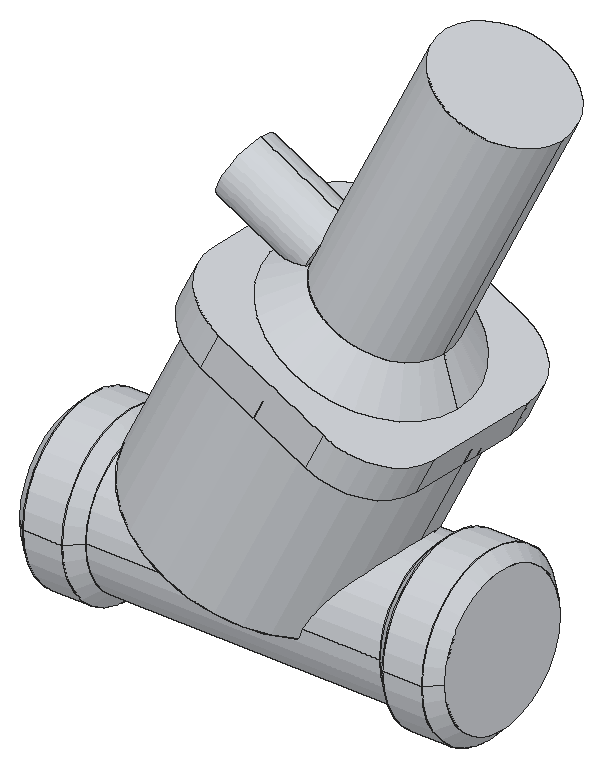
Revit family "PV_Compact_DN015_20-60_MM_RFA_2018", category Pipe Accessories, Revit 2018
Family settings
  Round Connector Dimension = Use Diameter
  Part Type = Valve - Breaks Into
  Work Plane-Based = No
  Always vertical = Yes
  Cut with Voids When Loaded = No
  Shared = No
Parameters (values of type "PV Compact DN15 MM (20-60 kPa)")
  magiProductId = "Frese PV Compact DN15-2"
  magiProductFamilyId = "Frese PV Compact *"
  magiPartTypeId = 304
  isMeasuringValve [instance] = no
  ang2D [instance] = 0.00°
  Z7 = 15 mm
  Z6 = 40 mm
  Z5 = 44 mm
  Z4 = 39 mm
  Z3 = 6 mm
  Z2 = 33 mm
  XR3 = 30 mm
  XR2 = 25 mm
  XR1 = 13 mm
  W2D = 15 mm
  VersionID = "2.0/2018.12.13.2/FRESE_PV_COMPACT_Q13_001"
  Use Minimum Symbol Size [instance] = no
  URL = "www.hydronic.cz"
  Type Comments = "závitový s vnějším závitem; PN25; dpmax=450kPa; -10~+120°C;"
  R6 = 13 mm
  R5 = 5 mm
  R4 = 15 mm
  R3 = 10 mm
  R2 = 11 mm
  R1 = 19 mm
  QmdConnectorList = "301;D;302;D"
  Productdata [instance] = ""
  Manufacturer = "Hydronic Systems Prague s.r.o."
  MC Use Limits From Balancing Method = no
  MC Throttling Minimum Value = 0
  MC Throttling Maximum Value = 0
  MC Product Code = "53-3201 DN15; MM; nastavitelný rozsah dp=20~60kPa; Q=100~1000l/h;  kvs=2,9"
  MC Pressure Drop Minimum Value = 0.0 Pa
  MC Pressure Drop Maximum Value = 0.0 Pa
  MC Piping Given Pressure Drop [instance] = 0.0 Pa
  M5 = 32.5 mm
  M4 = 30.5 mm
  M3 = 24.5 mm
  M2 = 22.5 mm
  LM = 45 mm
  L2D_Min = 30.48 mm
  L2D = 65 mm
  Description = "Nastavitelný regulátor tlakové diference"
  D = 15 mm
  CAT0 = yes
Types (2, lengths in mm): name | magiProductId | MC Product Code
  PV Compact DN15 MM (20-60 kPa) | "Frese PV Compact DN15-2" | "53-3201 DN15; MM; nastavitelný rozsah dp=20~60kPa; Q=100~1000l/h;  kvs=2,9"
  Frese PV Compact DN15 MM (5-30 kPa) | "Frese PV Compact DN15-1" | "53-3200 DN15; MM; nastavitelný rozsah dp=5~30kPa; Q=50~600l/h;  kvs=2,9"
Reference planes
  plane 1 "Center (Front/Back)": y = 0
  plane 2 "XYPLANE": z = 0
  plane 3 "Center (Left/Right)": x = 0
  plane 4 "62": through (318.218, 0, 679.605) normal (0.891, 0, -0.454)
  plane 5 "61": x = 32.5
  plane 6 "60": x = 30.5
  plane 7 "59": x = 24.5
  plane 8 "58": x = 22.5
  plane 9 "57": x = -32.5
  plane 10 "56": x = -30.5
  plane 11 "55": x = -24.5
  plane 12 "54": y = 0
  plane 13 "53": through (-666.893, 0, 343.166) normal (0.454, 0, 0.891)
  plane 14 "52": x = -22.5
  plane 15 "51": through (335.147, 0, 670.979) normal (0.891, 0, -0.454)
  plane 16 "50": through (-653.273, 0, 369.896) normal (0.454, 0, 0.891)
  plane 17 "49": through (352.076, 0, 662.353) normal (0.891, 0, -0.454)
  plane 18 "48": y = 19
  plane 19 "47": y = -19
  plane 20 "46": through (-650.549, 0, 375.242) normal (0.454, 0, 0.891)
  plane 21 "45": through (-648.279, 0, 379.697) normal (0.454, 0, 0.891)
  plane 22 "44": through (313.763, 0, 681.875) normal (0.891, 0, -0.454)
  plane 23 "42": through (-668.255, 0, 340.493) normal (0.454, 0, 0.891)
  plane 24 "15XY": through (-668.255, 0, 340.493) normal (0.454, 0, 0.891)
  plane 25 "15XZ": y = 0
  plane 26 "15YZ": through (340.493, 0, 668.255) normal (0.891, 0, -0.454)
Forms (mm)
  Blend 1, solid, visible <- "CAT0"
    base sketch origin (30.5, -750, 0) x (0, 1, 0) y (0, 0, 1)
      loop
        circle (750, 0) r 13
    top sketch origin (30.5, -750, 0) x (0, 1, 0) y (0, 0, 1)
      loop
        circle (750, 0) r 11
    from 0 to 2
  Extrusion 2, solid, visible <- "CAT0"
    sketch origin (24.5, -750, 0) x (0, 1, 0) y (0, 0, 1)
      loop
        circle (750, 0) r 13
    from 0 to 6
  Blend 3, solid, visible <- "CAT0"
    base sketch origin (22.5, -750, 0) x (0, 1, 0) y (0, 0, 1)
      loop
        circle (750, 0) r 11
    top sketch origin (22.5, -750, 0) x (0, 1, 0) y (0, 0, 1)
      loop
        circle (750, 0) r 13
    from 0 to 2
  Blend 4, solid, visible <- "CAT0"
    base sketch origin (-30.5, -750, 0) x (0, 1, 0) y (0, 0, 1)
      loop
        circle (750, 0) r 13
    top sketch origin (-30.5, -750, 0) x (0, 1, 0) y (0, 0, 1)
      loop
        circle (750, 0) r 11
    from 0 to -2
  Extrusion 5, solid, visible <- "CAT0"
    sketch origin (-30.5, -750, 0) x (0, 1, 0) y (0, 0, 1)
      loop
        circle (750, 0) r 13
    from 0 to 6
  Blend 6, solid, visible <- "CAT0"
    base sketch origin (-24.5, -750, 0) x (0, 1, 0) y (0, 0, 1)
      loop
        circle (750, 0) r 13
    top sketch origin (-24.5, -750, 0) x (0, 1, 0) y (0, 0, 1)
      loop
        circle (750, 0) r 11
    from 0 to 2
  Extrusion 7, solid, visible <- "CAT0"
    sketch origin (-22.5, -750, 0) x (0, 1, 0) y (0, 0, 1)
      loop
        circle (750, 0) r 11
    from 0 to 45 <- "LM"
  Extrusion 8, solid, visible <- "CAT0"
    sketch origin (-666.893, 0, 343.166) x (0.891007, 0, -0.45399) y (0, 1, 0)
      loop
        circle (744, 0) r 19
    from 0 to 33 <- "Z2"
  Extrusion 9, solid, visible <- "CAT0"
    sketch origin (-653.273, 0, 369.896) x (0.891007, 0, -0.45399) y (0, 1, 0)
      loop
        arc (735, 19) -> (727.929, 16.071) -> (725, 9) r 10
        line (725, 9) -> (725, -9)
        arc (725, -9) -> (727.929, -16.071) -> (735, -19) r 10
        line (735, -19) -> (753, -19)
        arc (753, -19) -> (760.071, -16.071) -> (763, -9) r 10
        line (763, -9) -> (763, 9)
        arc (763, 9) -> (760.071, 16.071) -> (753, 19) r 10
        line (753, 19) -> (735, 19)
    from 0 to 6 <- "Z3"
  Blend 10, solid, visible <- "CAT0"
    base sketch origin (-650.549, 0, 375.242) x (0.891007, 0, -0.45399) y (0, 1, 0)
      loop
        circle (744, 0) r 15
    top sketch origin (-650.549, 0, 375.242) x (0.891007, 0, -0.45399) y (0, 1, 0)
      loop
        circle (744, 0) r 10
    from 0 to 5
  Extrusion 11, solid, visible <- "CAT0"
    sketch origin (-648.279, 0, 379.697) x (0.891007, 0, -0.45399) y (0, 1, 0)
      loop
        circle (744, 0) r 10
    from 0 to 40 <- "Z6"
  Extrusion 12, solid, visible <- "CAT0"
    sketch origin (313.763, 0, 681.875) x (-0.45399, 0, -0.891007) y (0, 1, 0)
      loop
        circle (706, 0) r 5
    from 0 to 15 <- "Z7"
  Blend 13, solid, visible <- "CAT0"
    base sketch origin (-668.255, 0, 340.493) x (0.891007, 0, -0.45399) y (0, 1, 0)
      loop
        circle (744, 0) r 15
    top sketch origin (-668.255, 0, 340.493) x (0.891007, 0, -0.45399) y (0, 1, 0)
      loop
        circle (744, 0) r 19
    from 0 to 3
  Extrusion 14, solid, not visible
    sketch origin (-32.5, -750, 0) x (0, 1, 0) y (0, 0, 1)
      loop
        circle (750, 0) r 10
    from 0 to 10
  Extrusion 15, solid, not visible
    sketch origin (32.5, -750, 0) x (0, 1, 0) y (0, 0, 1)
      loop
        circle (750, 0) r 10
    from 0 to -10
Lines and regions (mm)
  reference lines, not visible
    curve 1: circle (2, 2, 0) r 1 normal (0, 0, 1)
Dimensions and locks
  plane 1 "Center (Front/Back)" to curve 1 = 2 mm
  "XR2": plane 26 "15YZ" to plane 4 "62"
  "M5": plane 3 "Center (Left/Right)" to plane 5 "61"
  "M4": plane 3 "Center (Left/Right)" to plane 6 "60"
  "M3": plane 3 "Center (Left/Right)" to plane 7 "59"
  "M2": plane 3 "Center (Left/Right)" to plane 8 "58"
  "M5": plane 3 "Center (Left/Right)" to plane 9 "57"
  "M4": plane 3 "Center (Left/Right)" to plane 10 "56"
  "M3": plane 3 "Center (Left/Right)" to plane 11 "55"
  locked: plane 25 "15XZ" to plane 12 "54"
  locked: plane 24 "15XY" to plane 13 "53" at 3
  "M2": plane 3 "Center (Left/Right)" to plane 14 "52"
  locked: plane 26 "15YZ" to plane 15 "51" at 6
  "Z2": plane 24 "15XY" to plane 16 "50"
  "XR1": plane 26 "15YZ" to plane 17 "49"
  "R1": plane 25 "15XZ" to plane 18 "48"
  "R1": plane 25 "15XZ" to plane 19 "47"
  "Z4": plane 24 "15XY" to plane 20 "46"
  "Z5": plane 24 "15XY" to plane 21 "45"
  "XR3": plane 26 "15YZ" to plane 22 "44"
  locked: plane 24 "15XY" to plane 23 "42"
  Extrusion 9 sketch curve to Extrusion 9 sketch curve = 0 mm  (x16)
  "R2": radius of Blend 1 sketch curve
  "R6": radius of Blend 1 sketch curve
  "R6": radius of Extrusion 2 sketch curve
  "R6": radius of Blend 3 sketch curve
  "R2": radius of Blend 3 sketch curve
  "R2": radius of Blend 4 sketch curve
  "R6": radius of Blend 4 sketch curve
  "R6": radius of Extrusion 5 sketch curve
  "R2": radius of Blend 6 sketch curve
  "R6": radius of Blend 6 sketch curve
  "R2": radius of Extrusion 7 sketch curve
  "R1": radius of Extrusion 8 sketch curve
  radius of Extrusion 9 sketch curve = 10 mm  (x4)
  "R3": radius of Blend 10 sketch curve
  "R4": radius of Blend 10 sketch curve
  "R3": radius of Extrusion 11 sketch curve
  "R5": radius of Extrusion 12 sketch curve
  "R1": radius of Blend 13 sketch curve
  aligned and locked: level to plane 2 "XYPLANE"
  aligned and locked: plane 5 "61" to Blend 1
  aligned and locked: plane 7 "59" to Blend 3
  aligned and locked: Blend 4 to plane 9 "57"
  aligned and locked: plane 14 "52" to Blend 6
  aligned and locked: plane 12 "54" to Extrusion 8 sketch curve
  aligned and locked: Extrusion 8 sketch curve to plane 15 "51"
  aligned and locked: Extrusion 9 sketch curve to plane 4 "62"
  aligned and locked: Extrusion 9 sketch curve to plane 19 "47"
  aligned and locked: Extrusion 9 sketch curve to plane 17 "49"
  aligned and locked: plane 18 "48" to Extrusion 9 sketch curve
  aligned and locked: plane 12 "54" to Blend 10 sketch curve  (x2)
  aligned and locked: Blend 10 sketch curve to plane 15 "51"  (x2)
  aligned and locked: plane 21 "45" to Blend 10
  aligned and locked: plane 12 "54" to Extrusion 11 sketch curve
  aligned and locked: Extrusion 11 sketch curve to plane 15 "51"
  aligned and locked: plane 12 "54" to Extrusion 12 sketch curve
  aligned and locked: plane 21 "45" to Extrusion 12 sketch curve
  aligned and locked: plane 12 "54" to Blend 13 sketch curve  (x2)
  aligned and locked: Blend 13 sketch curve to plane 15 "51"  (x2)
  aligned and locked: plane 13 "53" to Blend 13
Automatic sketch dimensions
  plane 4 "62" to Blend 13 sketch curve = 4 mm
  Extrusion 14 sketch curve to Extrusion 14 sketch curve = 0 mm  (x2)
  Extrusion 14 sketch curve to level = 0 mm
  Extrusion 14 sketch curve to plane 1 "Center (Front/Back)" = 0 mm
  plane 19 "47" to Extrusion 14 sketch curve = 9 mm
  Extrusion 15 sketch curve to Extrusion 15 sketch curve = 0 mm  (x2)
  Extrusion 15 sketch curve to level = 0 mm
  Extrusion 15 sketch curve to plane 1 "Center (Front/Back)" = 0 mm
  plane 19 "47" to Extrusion 15 sketch curve = 9 mm
  plane 3 "Center (Left/Right)" to curve 1 = 2 mm
  Blend 1 sketch curve to level = 0 mm  (x2)
  Blend 1 sketch curve to plane 1 "Center (Front/Back)" = 0 mm  (x2)
  Extrusion 2 sketch curve to level = 0 mm
  Extrusion 2 sketch curve to plane 1 "Center (Front/Back)" = 0 mm
  Blend 3 sketch curve to level = 0 mm  (x2)
  Blend 3 sketch curve to plane 1 "Center (Front/Back)" = 0 mm  (x2)
  Blend 4 sketch curve to level = 0 mm  (x2)
  Blend 4 sketch curve to plane 1 "Center (Front/Back)" = 0 mm  (x2)
  Extrusion 5 sketch curve to level = 0 mm
  Extrusion 5 sketch curve to plane 1 "Center (Front/Back)" = 0 mm
  Blend 6 sketch curve to level = 0 mm  (x2)
  Blend 6 sketch curve to plane 1 "Center (Front/Back)" = 0 mm  (x2)
  Extrusion 7 sketch curve to level = 0 mm
  Extrusion 7 sketch curve to plane 1 "Center (Front/Back)" = 0 mm
  radius of curve 1 = 1 mm
Connectors
  piping at (-32.5, 0, 0), diameter 15, driven by "D"
    settings: on Extrusion 14, index 1, connector inside diameter 609.6 mm, connector length 0 mm, flow factor 0, pipe flow 0.0 L/s, pressure drop 0.0 Pa, fitting loss kfactor 0, connector angle 0.00°, fixture units 0, engagement length 0 mm, angle of deflection 0.00°, flow configuration 0, flow direction 0, fitting loss method 0, system type 29, joint type 0, gender type 0, connector reference index 2, connector utility 0, adjustable connector no, is connector primary yes, connector description ""
  piping at (32.5, 0, 0), diameter 15, driven by "D"
    settings: on Extrusion 15, index 2, connector inside diameter 609.6 mm, connector length 0 mm, flow factor 0, pipe flow 0.0 L/s, pressure drop 0.0 Pa, fitting loss kfactor 0, connector angle 0.00°, fixture units 0, engagement length 0 mm, angle of deflection 0.00°, flow configuration 0, flow direction 0, fitting loss method 0, system type 29, joint type 0, gender type 0, connector reference index 1, connector utility 0, adjustable connector no, is connector primary no, connector description ""
